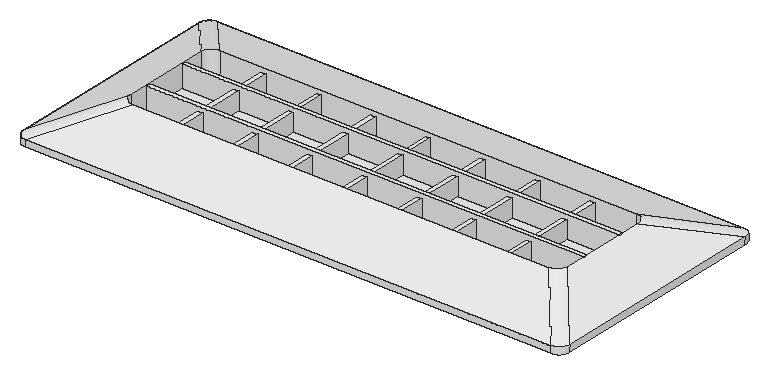
Revit family "CADS_AIRFLOWdev_WallGrille_Aluminium_Supply", category Air Terminals, host Face, Revit 2015
Parameters (values of type "CADS_AIRFLOWdev_WallGrille_Aluminium_Supply")
  WeeklyMaintenance = "N/A"
  WarrantyStartDate [instance] = "1900-12-31T23:59:184"
  WarrantyPeriod = "0"
  WarrantyIdentifier = "N/A"
  WarrantyGuarantorParts = "info@airflow.com"
  WarrantyGuarantorLabor = "info@airflow.com"
  WarrantyGuarantor = "Airflow Developments Ltd"
  WarrantyEndDate = "1900-12-31T23:59:184"
  WarrantyContent = "N/A"
  Uniclass2015 = "Pr_65_70_46_07"
  TemperatureRange = "up to 40°C"
  TagNumber [instance] = "N/A"
  SustainabilityPerformance = "N/A"
  Status = "New"
  Size = "252 x 102 x 45"
  ShippingWeight = 0.96 kg
  Shape = "Rectangular"
  ServiceLifeType = "EXPECTEDSERVICELIFE"
  ServiceLifeDuration = "10"
  SerialNumber [instance] = "N/A"
  SAPApproval = yes
  ReplacementCost = "48.672"
  Reinforcement = "N/A"
  RedDotDesignAward = no
  QuarterlyMaintenance = "N/A"
  Quantity = 1
  ProductionYear = "2017"
  ProductLiterature = "https://www.airflow.com/pdf/Accessories.pdf#page=14"
  PointOfContact = "Airflow Developments Ltd"
  PassiveHouseApproval = no
  NominalWidth = 102 mm
  NominalLength = 252 mm
  NominalHeight = 45 mm
  NBSCode = "90-75-50/370 Air terminals;"
  MonthlyMaintenance = "N/A"
  ModelReference [instance] = "9041175"
  ModelLabel [instance] = "Aluminium Wall Grille"
  Material = "Aluminium"
  ManufacturerWebsite = "www.airflow.com"
  ManufacturerTelephone = "01494 525252"
  ManufacturerE-Mail = "info@airflow.com"
  ManufacturerAddress = "Aidelle House\nLancaster Road\nCressex Business Park\nHigh Wycombe\nBucks\nHP123QP"
  Manufacturer = "Airflow Developments Ltd"
  MaintenanceRequired8001to12000hrs = "N/A"
  MaintenanceRequired601to1000hrs = "N/A"
  MaintenanceRequired4001to8000hrs = "N/A"
  MaintenanceRequired301to600hrs = "N/A"
  MaintenanceRequired2001to4000hrs = "N/A"
  MaintenanceRequired1001to2000hrs = "N/A"
  MaintenanceRequired0to300hrs = "N/A"
  LongitudinalSeam = "N/A"
  IsExtendedWarranty = no
  InstallationDate [instance] = "1900-12-31T23:59:184"
  ISO90001 = yes
  ISO140001 = yes
  GrossWeight = 0.80 kg
  GrilleFinish = CADS_AIRFLOWdev_Aluminium
  Grade = "Aluminium"
  GlobalTradeItemNumber [instance] = "5019009306094"
  Flow [instance] = 0.0 L/s
  Fitting Type = "Ignore"
  FireControlPanelLinks = no
  Finish = "Lacquer"
  Features = "Aluminium Wall Grille"
  ExpectedServiceLife = 10
  Exclusions = "N/A"
  DurationUnit = "Year"
  Default Elevation = 1219.2 mm
  DailyMaintenance = "N/A"
  Constituents = "Aluminium Wall Grille"
  Color = "Silver"
  CodePerformance = "N/A"
  CEApproval = yes
  CADS_Index = 0
  BespokeTimeFrameMaintenance = "N/A"
  AssetType = "FIXED"
  AssetIdentifier [instance] = "N/A"
  AssemblyPlace = "UNKNOWN"
  ArticleNumber [instance] = "N/A"
  AnnualMaintenance = "N/A"
  AccessibilityPerformance = "N/A"
  6MonthlyMaintenance = "Visually inspect system, clean the fan and ducting if necessary"
Reference planes
  plane 1 "Center (Front/Back)": y = 0
  plane 2: z = 0
  plane 3 "Center (Left/Right)": x = 0
  plane 4: y = 25
  plane 5: y = -25
  plane 6: x = -100
  plane 7: x = 100
  plane 8: x = -125
  plane 9: x = 125
  plane 10: y = 55
  plane 11: y = -55
Forms (mm)
  Blend 1, solid, material "CADS_AIRFLOWdev_Aluminium" <- "GrilleFinish"
    base sketch origin (0, 0, 0) x (1, 0, 0) y (0, 1, 0)
      loop
        arc (-120, 55) -> (-123.536, 53.536) -> (-125, 50) r 5
        line (-125, 50) -> (-125, -50)
        arc (-125, -50) -> (-123.536, -53.536) -> (-120, -55) r 5
        line (-120, -55) -> (120, -55)
        arc (120, -55) -> (123.536, -53.536) -> (125, -50) r 5
        line (125, -50) -> (125, 50)
        arc (125, 50) -> (123.536, 53.536) -> (120, 55) r 5
        line (120, 55) -> (-120, 55)
    top sketch origin (0, 0, 0) x (1, 0, 0) y (0, 1, 0)
      loop
        arc (-95, 25) -> (-98.536, 23.536) -> (-100, 20) r 5
        line (-100, 20) -> (-100, -20)
        arc (-100, -20) -> (-98.536, -23.536) -> (-95, -25) r 5
        line (-95, -25) -> (95, -25)
        arc (95, -25) -> (98.536, -23.536) -> (100, -20) r 5
        line (100, -20) -> (100, 20)
        arc (100, 20) -> (98.536, 23.536) -> (95, 25) r 5
        line (95, 25) -> (-95, 25)
    from 3 to 13
  Extrusion 2, void
    sketch origin (0, 0, 0) x (1, 0, 0) y (0, 1, 0)
      loop
        line (95, 25) -> (-95, 25)
        arc (-95, 25) -> (-98.536, 23.536) -> (-100, 20) r 5
        line (-100, 20) -> (-100, -20)
        arc (-100, -20) -> (-98.536, -23.536) -> (-95, -25) r 5
        line (-95, -25) -> (95, -25)
        arc (95, -25) -> (98.536, -23.536) -> (100, -20) r 5
        line (100, -20) -> (100, 20)
        arc (100, 20) -> (98.536, 23.536) -> (95, 25) r 5
    from 0 to 20
  Extrusion 3, solid, material "CADS_AIRFLOWdev_Aluminium" <- "GrilleFinish"
    sketch origin (0, 0, 0) x (1, 0, 0) y (0, 1, 0)
      loop
        line (-100, 11.248) -> (-100, 9.248) -> (100, 9.248) -> (100, 11.248) -> (-100, 11.248)
      loop
        line (-100, -11.248) -> (100, -11.248) -> (100, -9.248) -> (-100, -9.248) -> (-100, -11.248)
    from 0 to 13
  Extrusion 4, solid, material "CADS_AIRFLOWdev_Aluminium" <- "GrilleFinish"
    sketch origin (0, 0, 0) x (1, 0, 0) y (0, 1, 0)
      loop
        line (-76, 25) -> (-76, -25) -> (-74, -25) -> (-74, 25) -> (-76, 25)
      loop
        line (-51, 25) -> (-51, -25) -> (-49, -25) -> (-49, 25) -> (-51, 25)
      loop
        line (-26, 25) -> (-26, -25) -> (-24, -25) -> (-24, 25) -> (-26, 25)
      loop
        line (-1, 25) -> (-1, -25) -> (1, -25) -> (1, 25) -> (-1, 25)
      loop
        line (76, 25) -> (74, 25) -> (74, -25) -> (76, -25) -> (76, 25)
      loop
        line (51, 25) -> (49, 25) -> (49, -25) -> (51, -25) -> (51, 25)
      loop
        line (26, 25) -> (24, 25) -> (24, -25) -> (26, -25) -> (26, 25)
    from 0 to 11
  Extrusion 5, solid, material "CADS_AIRFLOWdev_Aluminium" <- "GrilleFinish"
    sketch origin (0, 0, 0) x (1, 0, 0) y (0, 1, 0)
      loop
        arc (-120, 55) -> (-123.536, 53.536) -> (-125, 50) r 5
        line (-125, 50) -> (-125, -50)
        arc (-125, -50) -> (-123.536, -53.536) -> (-120, -55) r 5
        line (-120, -55) -> (120, -55)
        arc (120, -55) -> (123.536, -53.536) -> (125, -50) r 5
        line (125, -50) -> (125, 50)
        arc (125, 50) -> (123.536, 53.536) -> (120, 55) r 5
        line (120, 55) -> (-120, 55)
    from 0 to 3
Cuts and joins
  Extrusion 2 cuts Blend 1
Dimensions and locks
  aligned and locked: plane 2 to host face
  aligned and locked: level to host face
  aligned and locked: Extrusion 5 sketch curve to cut or joined group of Blend 1, Extrusion 2
Connectors
  hvac at (0, 0, 3), driven by "Flow"
    settings: on cut or joined group of Blend 1, Extrusion 2, index 1, duct flow 0.0 L/s, flow factor 0, pres drop 0.0 Pa, loss coef 0, conn angle 0.00°, conn width 204 mm, conn height 60 mm, conn diameter 609.6 mm, duct sys type 1, conn prof type 1, flow config 1, flow direction 1, loss method 0, conn ref index -1, conn util no, is conn primary yes, conn desc ""
